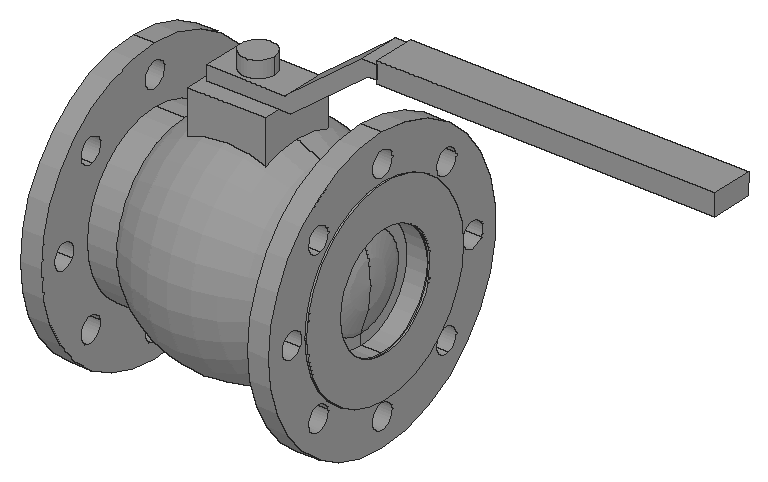
Revit family "2M_Ball Valve_UNIVAL_BAV-0201 - 40-200 mm", category Pipe Accessories, Revit 2016
Family settings
  Part Type = Valve - Breaks Into
  Round Connector Dimension = Use Diameter
  OmniClass Number = 23.65.55.14.17
  OmniClass Title = Adjusting/Controlling Valves for Liquid Services
  Work Plane-Based = No
  Always vertical = Yes
  Cut with Voids When Loaded = No
  Shared = No
Parameters (values of type "DN80")
  built-in parameter 1114242 [instance] = 1
  Symbol_consist = L / 150 * 86  # 103.2 mm
  SymbolBall_r = L * 0.25  # 45 mm
  Stem Material = "Stainless steel"  # constant formula
  PN16 = yes
  PN10 = yes
  Operator Type = M_Handle - Edged : M_Handle - Edged
  O-Ring Material = "EPDM"  # constant formula
  Loss Method = K Coefficient from Table
  URL = "http://www.unival.com.tr/"
  Standard No = "TS 3148"
  Model = "BAV-0201X080"
  Max. Working Temperature = "120°"
  Max. Working Pressure (Continious) = "6,7 bar for PN10 /11 bar for PN16"
  Manufacturer = "Giacomini Unival\r\nGiacomini Unival"
  L = 180 mm
  K Coefficient Table = "Ball Valve Full Port Full Open"
  H1 = H - 55 mm  # 100 mm
  H = 155 mm
  Gasket Material = "PTFE"  # constant formula
  G = 335 mm
  Flange_d = 17 mm
  Flange = M_Flange - 15-450 mm : DN80
  Disc Material = "Stainless steel"  # constant formula
  Description TR = "Tam geçişli küresel vana"  # constant formula
  Description = "Full port ball valve"  # constant formula
  DN = 80 mm
  Ball_D = 80 mm
  D1 = DN / 2 + 20 mm  # 60 mm
  Connection Type = "Flange"
  Certifications = "TSE EAC CE"
  Square_a = 55 mm
  Body Material = "Cast iron"  # constant formula
  L1 = L / 2 - Flange_d  # 73 mm
Types (8, lengths in mm): name | Symbol_consist | SymbolBall_r | Operator Type | Model | L | H1 | H | G | Flange_d | Flange | DN | Ball_D | D1 | Square_a | L1
  DN100 | 108.933 | 47.5 | M_Handle - Edged : M_Handle - Edged | "BAV-0201X100" | 190 | 115 | 170 | 335 | 17 | M_Flange - 15-450 mm : DN100 | 100 | 90 | 70 | 60 | 78
  DN40 | 80.267 | 35 | M_Handle - Edged : M_Handle - Edged | "BAV-0201X040" | 140 | 65 | 120 | 190 | 17 | M_Flange - 15-450 mm : DN40 | 40 | 60 | 40 | 55 | 53
  DN50 | 86 | 37.5 | M_Handle - Edged : M_Handle - Edged | "BAV-0201X050" | 150 | 75 | 130 | 190 | 17 | M_Flange - 15-450 mm : DN50 | 50 | 65 | 45 | 55 | 58
  DN65 | 97.467 | 42.5 | M_Handle - Edged : M_Handle - Edged | "BAV-0201X065" | 170 | 85 | 140 | 260 | 17 | M_Flange - 15-450 mm : DN65 | 65 | 72.5 | 52.5 | 55 | 68
  DN80 | 103.2 | 45 | M_Handle - Edged : M_Handle - Edged | "BAV-0201X080" | 180 | 100 | 155 | 335 | 17 | M_Flange - 15-450 mm : DN80 | 80 | 80 | 60 | 55 | 73
  DN125 | 186.333 | 81.25 | M_Handle - Edged : M_Handle - Edged | "BAV-0201X125" | 325 | 135 | 190 | 335 | 17 | M_Flange - 15-450 mm : DN125 | 125 | 120 | 82.5 | 65 | 145.5
  DN150 | 200.667 | 87.5 | M_Handle - Straight : M_Handle - Straight | "BAV-0201X150" | 350 | 190 | 245 | 700 | 17 | M_Flange - 15-450 mm : DN150 | 150 | 140 | 95 | 90 | 158
  DN200 | 229.333 | 100 | M_Handle - Straight : M_Handle - Straight | "BAV-0201X200" | 400 | 225 | 280 | 700 | 18 | M_Flange - 15-450 mm : DN200 | 200 | 172 | 120 | 90 | 182
Reference planes
  plane 1 "Center (Front/Back)": y = 0
  plane 2: z = 0
  plane 3 "Center (Left/Right)": x = 0
  plane 4 "Flange L": x = -73
  plane 5 "Ext": z = 60
  plane 6: z = 100
  plane 7 "Connector L": x = -90
Forms (mm)
  Revolve 1, solid, material "UNIVAL_IRON", detail levels fine
    sketch origin (0, 0, 0) x (1, 0, 0) y (0, 0, 1)
      loop
        line (-73, 60) -> (-73, 0) -> (73, 0) -> (73, 60) -> (-73, 60)
      axis (-73, 0) -> (73, 0)
    angle from 0 to 360
  Extrusion 2, solid, material "UNIVAL_IRON", detail levels fine
    sketch origin (-702.493, -1524, 60) x (-1, 0, 0) y (0, -1, 0)
      loop
        line (-674.993, -1551.5) -> (-674.993, -1496.5) -> (-729.993, -1496.5) -> (-729.993, -1551.5) -> (-674.993, -1551.5)
    from 0 to 40
  Revolve 3, solid, material "UNIVAL_IRON", detail levels fine
    sketch origin (0, 0, 0) x (1, 0, 0) y (0, 0, 1)
      loop
        arc (80, 0) -> (0, 80) -> (-80, 0) r 80
        line (-80, 0) -> (80, 0)
      axis (-80, 0) -> (80, 0)
    angle from 0 to 360
Lines and regions (mm)
  model lines, not visible
    curve 1: line (-90, 51.6, 0) -> (90, 51.6, 0)
    curve 3: line (90, -51.6, 0) -> (-90, -51.6, 0)
  model lines, detail levels coarse+medium
    curve 2: line (-90, -51.6, 0) -> (-90, 51.6, 0)
    curve 4: line (90, 51.6, 0) -> (90, -51.6, 0)
    curve 5: line (-90, -51.6, 0) -> (90, 51.6, 0)
    curve 6: line (90, -51.6, 0) -> (-90, 51.6, 0)
  model lines
    curve 7: circle (0, 0, 0) r 45 normal (0, 0, 1)
Dimensions and locks
  "D1": Revolve 1 sketch curve to Revolve 1 sketch curve
  "D1": plane 5 "Ext" to level
  equal spacing: Extrusion 2, plane 3 "Center (Left/Right)", Extrusion 2
  equal spacing: Extrusion 2, plane 1 "Center (Front/Back)", Extrusion 2
  "Square_a": Extrusion 2 to Extrusion 2  (x2)
  equal spacing: Revolve 1 sketch curve, plane 3 "Center (Left/Right)", Revolve 1 sketch curve
  "L1": plane 3 "Center (Left/Right)" to plane 4 "Flange L"
  "H1": plane 6 to level
  "Flange_d": plane 7 "Connector L" to plane 4 "Flange L"
  equal spacing: curve 1, plane 1 "Center (Front/Back)", curve 3
  "Symbol_consist": curve 1 to curve 3
  equal spacing: curve 2, plane 3 "Center (Left/Right)", curve 4
  "L": curve 2 to curve 4
  "Ball_D": radius of Revolve 3 sketch curve
  "SymbolBall_r": radius of curve 7
  aligned and locked: level to plane 2
  aligned and locked: Extrusion 2 to plane 5 "Ext"
  aligned and locked: level to Revolve 3 sketch curve  (x2)
  aligned and locked: Revolve 3 sketch curve to nested 1
  aligned and locked: plane 4 "Flange L" to Revolve 1
  aligned and locked: plane 6 to Extrusion 2
  aligned and locked: nested 1 to connector elem
  aligned and locked: connector elem to plane 1 "Center (Front/Back)"
  aligned and locked: plane 3 "Center (Left/Right)" to curve 7
  aligned and locked: plane 1 "Center (Front/Back)" to curve 7
Automatic sketch dimensions
  Revolve 3 sketch curve to level = 0 mm
  Revolve 3 sketch curve to plane 3 "Center (Left/Right)" = 0 mm
  plane 3 "Center (Left/Right)" to Extrusion 2 sketch curve = 27.5 mm
  Extrusion 2 sketch curve to plane 1 "Center (Front/Back)" = 27.5 mm
  plane 1 "Center (Front/Back)" to Extrusion 2 sketch curve = 27.5 mm
  Extrusion 2 sketch curve to plane 3 "Center (Left/Right)" = 27.5 mm
  Revolve 3 sketch curve to Revolve 3 sketch curve = 1249.49 mm
  Revolve 3 sketch curve to Revolve 3 sketch curve = 1796.483 mm
  curve 6 to plane 7 "Connector L" = 0 mm
  Revolve 1 sketch curve to level = 0 mm  (x2)
  Revolve 1 sketch curve to plane 4 "Flange L" = 0 mm
  Revolve 1 sketch curve to plane 7 "Connector L" = 1142.49 mm
  plane 4 "Flange L" to Revolve 1 sketch curve = 12.667 mm
Nested families
  nested 1: "M_Flange - 15-450 mm" at (-73, 0, 0) x (0, 0, 1) z (-1, 0, 0), type <- "Flange", type "DN80", detail levels fine
  nested 2: "M_Flange - 15-450 mm" at (73, 0, 0) x (0, 0, 1) z (1, 0, 0), type <- "Flange", type "DN80", detail levels fine
  nested 3: "M_Handle - Edged" at (0, 0, 100), type <- "Operator Type", type "M_Handle - Edged", detail levels fine
    with G 335 mm
Connectors
  piping at (90, 0, 0), diameter 80, driven by "DN"
    settings: on nested 2, index 4, connector inside diameter 609.6 mm, connector length 0 mm, flow factor 0, pipe flow 0.0 L/s, pressure drop 0.0 Pa, fitting loss kfactor 0, connector angle 0.00°, fixture units 0, engagement length 0 mm, angle of deflection 0.00°, flow configuration 0, flow direction 0, fitting loss method 0, system type 29, joint type 0, gender type 0, connector reference index 5, connector utility 0, adjustable connector no, is connector primary no, connector description ""
  piping at (-90, 0, 0), diameter 80, driven by "DN"
    settings: on nested 1, index 5, connector inside diameter 609.6 mm, connector length 0 mm, flow factor 0, pipe flow 0.0 L/s, pressure drop 0.0 Pa, fitting loss kfactor 0, connector angle 0.00°, fixture units 0, engagement length 0 mm, angle of deflection 0.00°, flow configuration 0, flow direction 0, fitting loss method 0, system type 29, joint type 0, gender type 0, connector reference index 4, connector utility 0, adjustable connector no, is connector primary yes, connector description ""
Definition of nested family "M_Flange - 15-450 mm"
  Parameters (values of type "DN80")
    Hole_r = 9 mm
    Hole_number = 8
    Hole_dist = 80 mm
    Gasket_d = 2 mm
    Gasket_ro = 69 mm
    Gasket_ri = 40 mm
    Gasket colour = none
    Flange_d = 15 mm
    Flange_ro = 100 mm
    Default Elevation = 2500 mm
    Colour = none
  Types (17, lengths in mm): name | Hole_r | Hole_number | Hole_dist | Gasket_d | Gasket_ro | Gasket_ri | Flange_d | Flange_ro
    DN300 | 14 | 12 | 205 | 2.5 | 189 | 150 | 20 | 228
    DN350 | 14 | 16 | 235 | 4 | 219 | 175 | 22.5 | 260
    DN400 | 15 | 16 | 263 | 4 | 245 | 200 | 24 | 290
    DN450 | 15 | 20 | 293 | 5 | 275 | 225 | 25 | 320
    DN100 | 9 | 8 | 90 | 2 | 79 | 50 | 15 | 110
    DN25 | 7 | 4 | 43 | 2 | 34 | 13 | 15 | 58
    DN250 | 14 | 12 | 178 | 3 | 160 | 125 | 17 | 200
    DN200 | 11 | 12 | 149 | 3 | 134 | 100 | 15 | 170
    DN150 | 11 | 8 | 120 | 2 | 106 | 75 | 15 | 143
    DN80 | 9 | 8 | 80 | 2 | 69 | 40 | 15 | 100
    DN65 | 9 | 4 | 73 | 2 | 61 | 33 | 15 | 93
    DN50 | 9 | 4 | 63 | 2 | 51 | 25 | 15 | 83
    DN40 | 9 | 4 | 55 | 2 | 44 | 20 | 15 | 75
    DN32 | 9 | 4 | 50 | 2 | 39 | 16 | 15 | 70
    DN15 | 7 | 4 | 33 | 2 | 23 | 8 | 15 | 48
    DN125 | 11 | 8 | 104 | 2 | 83 | 63 | 15 | 125
    DN20 | 7 | 4 | 38 | 2 | 29 | 10 | 15 | 53
  Reference planes
    plane 1 "Center (Front/Back)": y = 0
    plane 2: z = 0
    plane 3 "Center (Left/Right)": x = 0
    plane 4: z = 17
    plane 5 "Extr": z = 15
  Forms (mm)
    Extrusion 1, solid
      sketch origin (0, 0, 0) x (1, 0, 0) y (0, 1, 0)
        loop
          line (-1219.2, 1219.2) -> (-1219.2, -1219.2) -> (1219.2, -1219.2) -> (1219.2, 1219.2) -> (-1219.2, 1219.2)
      from 0 to -304.8
    Extrusion 2, solid, material <- "Gasket colour"
      sketch origin (1219.2, -4572, 15) x (0, -1, 0) y (-1, 0, 0)
        loop
          circle (-4572, 1219.2) r 40
        loop
          circle (-4572, 1219.2) r 69
      from 0 to -2
    Extrusion 3, solid, material <- "Colour"
      sketch origin (0, 0, 0) x (1, 0, 0) y (0, 1, 0)
        loop
          circle (0, 0) r 100
        loop
          circle (0, 0) r 40
      from 0 to 15
    Extrusion 4, void
      sketch origin (-125, 0, 0) x (0.866025, 0.5, 0) y (-0.5, 0.866025, 0)
        loop
          circle (177.535, -102.5) r 9
      from 0 to 15 <- "Flange_d"
    Extrusion 5, void
      sketch origin (-88.388, 88.388, 0) x (0.965926, -0.258819, 0) y (0.258819, 0.965926, 0)
        loop
          circle (177.535, -102.5) r 9
      from 0 to 15 <- "Flange_d"
    Extrusion 6, void
      sketch origin (-88.388, -88.388, 0) x (0.258819, 0.965926, 0) y (-0.965926, 0.258819, 0)
        loop
          circle (177.535, -102.5) r 9
      from 0 to 15 <- "Flange_d"
    Extrusion 7, void
      sketch origin (0, -125, 0) x (-0.5, 0.866025, 0) y (-0.866025, -0.5, 0)
        loop
          circle (177.535, -102.5) r 9
      from 0 to 15 <- "Flange_d"
    Extrusion 8, void
      sketch origin (88.388, -88.388, 0) x (-0.965926, 0.258819, 0) y (-0.258819, -0.965926, 0)
        loop
          circle (177.535, -102.5) r 9
      from 0 to 15 <- "Flange_d"
    Extrusion 9, void
      sketch origin (125, 0, 0) x (-0.866025, -0.5, 0) y (0.5, -0.866025, 0)
        loop
          circle (177.535, -102.5) r 9
      from 0 to 15 <- "Flange_d"
    Extrusion 10, void
      sketch origin (88.388, 88.388, 0) x (-0.258819, -0.965926, 0) y (0.965926, -0.258819, 0)
        loop
          circle (177.535, -102.5) r 9
      from 0 to 15 <- "Flange_d"
    Extrusion 11, void
      sketch origin (0, 125, 0) x (0.5, -0.866025, 0) y (0.866025, 0.5, 0)
        loop
          circle (177.535, -102.5) r 9
      from 0 to 15 <- "Flange_d"
  Cuts and joins
    Extrusion 4, Extrusion 5, Extrusion 6, Extrusion 7, Extrusion 8, Extrusion 9, Extrusion 10, Extrusion 11 cuts Extrusion 3
  Dimensions and locks
    "Flange_d": plane 5 "Extr" to plane 2
    "Gasket_d": plane 4 to plane 5 "Extr"
    "Gasket_ri": radius of Extrusion 2 sketch curve
    "Gasket_ro": radius of Extrusion 2 sketch curve
    "Flange_ro": radius of Extrusion 3 sketch curve
    "Hole_r": radius of Extrusion 4 sketch curve
    "Hole_r": radius of Extrusion 5 sketch curve
    "Hole_r": radius of Extrusion 6 sketch curve
    "Hole_dist": radius of radial array
    "Hole_r": radius of Extrusion 7 sketch curve
    "Hole_r": radius of Extrusion 8 sketch curve
    "Hole_r": radius of Extrusion 9 sketch curve
    "Hole_r": radius of Extrusion 10 sketch curve
    "Hole_r": radius of Extrusion 11 sketch curve
    aligned and locked: plane 2 to Extrusion 1
    aligned and locked: level to Extrusion 1
    aligned and locked: plane 5 "Extr" to Extrusion 3
    aligned and locked: plane 4 to Extrusion 2
    aligned and locked: plane 5 "Extr" to Extrusion 2
    aligned and locked: Extrusion 3 sketch curve to Extrusion 2
  Automatic sketch dimensions
    Extrusion 1 sketch curve to Extrusion 1 sketch curve = 2438.4 mm  (x2)
    Extrusion 2 sketch curve to Extrusion 2 sketch curve = 0 mm  (x2)
    plane 1 "Center (Front/Back)" to Extrusion 2 sketch curve = 0 mm
    Extrusion 2 sketch curve to plane 3 "Center (Left/Right)" = 0 mm
    Extrusion 3 sketch curve to Extrusion 3 sketch curve = 0 mm  (x2)
Definition of nested family "M_Handle - Edged"
  Parameters (values of type "M_Handle - Edged")
    G = 190 mm
    Default Elevation = 1219.2 mm
  Reference planes
    plane 1 "Center (Front/Back)": y = 0
    plane 2: z = 0
    plane 3 "Center (Left/Right)": x = 0
  Forms (mm)
    Extrusion 1, solid
      sketch origin (0, 0, 0) x (1, 0, 0) y (0, 1, 0)
        loop
          line (-1219.2, 1219.2) -> (-1219.2, -1219.2) -> (1219.2, -1219.2) -> (1219.2, 1219.2) -> (-1219.2, 1219.2)
      from 0 to -304.8
    Extrusion 2, solid
      sketch origin (0, 0, -195) x (1, 0, 0) y (0, 0, 1)
        loop
          line (-23.835, 195) -> (35.307, 195) -> (89.733, 237.426) -> (96.165, 237.426) -> (96.165, 247.426) -> (85.591, 247.426) -> (31.165, 205) -> (-23.835, 205) -> (-23.835, 195)
      from -15 to 15
    Extrusion 3, solid
      sketch origin (0, 0, -195) x (1, 0, 0) y (0, 0, 1)
        loop
          line (96.165, 234.926) -> (190, 234.926) -> (190, 249.926) -> (96.165, 249.926) -> (96.165, 234.926)
      from -15 to 15
    Extrusion 4, solid
      sketch origin (-699.976, -1524, 0) x (-1, 0, 0) y (0, -1, 0)
        loop
          circle (-699.976, -1524) r 11.813
      from 0 to 21.2
  Dimensions and locks
    "G": Extrusion 3 sketch curve to plane 3 "Center (Left/Right)"
    aligned and locked: plane 2 to Extrusion 1
    aligned and locked: level to Extrusion 1
    aligned and locked: Extrusion 2 to level
    aligned and locked: Extrusion 3 sketch curve to Extrusion 2
  Automatic sketch dimensions
    Extrusion 1 sketch curve to Extrusion 1 sketch curve = 2438.4 mm  (x2)
    plane 1 "Center (Front/Back)" to Extrusion 4 sketch curve = 0 mm
    Extrusion 4 sketch curve to plane 3 "Center (Left/Right)" = 0 mm
    Extrusion 2 sketch curve to level = 0 mm
    Extrusion 2 sketch curve to plane 3 "Center (Left/Right)" = 23.835 mm
    level to Extrusion 2 sketch curve = 10 mm
    plane 3 "Center (Left/Right)" to Extrusion 2 sketch curve = 31.165 mm
    Extrusion 2 sketch curve to Extrusion 2 sketch curve = 4.142 mm  (x2)
    Extrusion 2 sketch curve to Extrusion 2 sketch curve = 54.426 mm
    Extrusion 2 sketch curve to Extrusion 2 sketch curve = 6.431 mm
    level to Extrusion 2 sketch curve = 42.426 mm
    Extrusion 2 sketch curve to Extrusion 2 sketch curve = 10 mm
    level to Extrusion 3 sketch curve = 39.926 mm
    Extrusion 3 sketch curve to Extrusion 3 sketch curve = 15 mm
    radius of Extrusion 4 sketch curve = 11.813 mm
